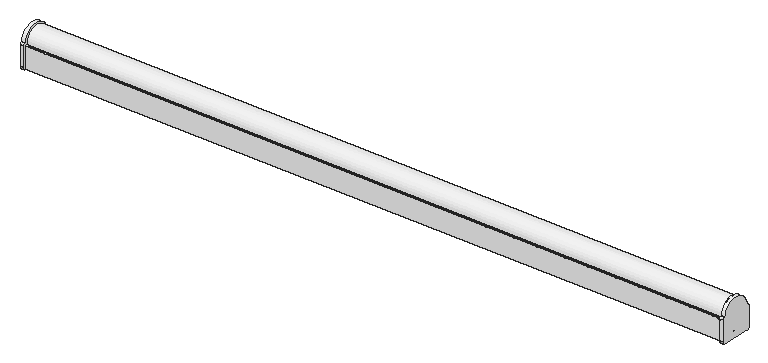
Revit family "0045193 Feilo Sylvania Lighting Fixture SYLBATTEN LED8 NW DALI TP5 ", category Lighting Fixtures, host Face, Revit 2017
Family settings
  Host = Face
  Round Connector Dimension = Use Diameter
  Part Type = Normal
  OmniClass Number = 23.80.70.00
  OmniClass Title = Lighting
  Cut with Voids When Loaded = No
  Light Source = Yes
  Shared = No
  Room Calculation Point = No
Parameters (values of type "0045193 SYLBATTEN LED8 NW DALI TP5")
  Width_FEILO = 66 mm
  Weight = "3.148 kg"
  Wattage Comments = "n/a"
  Wattage = 79 W
  WarrantyStartDate [instance] = "n/a"
  WarrantyGuarantorParts = "n/a"
  WarrantyDurationUnit = "n/a"
  WarrantyDurationParts = "n/a"
  WarrantyDescription = "n/a"
  built-in parameter 1150110 = 1 (stored number, unit not read)
  Voltage = 230 V
  URL = "http://www.sylvania-lighting.com"
  TypeName = "SYLBATTEN LED8 NW DALI TP5"
  Type Image = <None>
  Type Comments = "n/a"
  built-in parameter 1114217 = 1 (stored number, unit not read)
  Tilt Angle = -90.00°
  built-in parameter 1150109 = 1 (stored number, unit not read)
  built-in parameter 1150134 = 12
  SymReflector_FEILO = no
  built-in parameter 1150113 = 1 (stored number, unit not read)
  SerialNumber [instance] = "n/a"
  PowerFactor = 0
  PowerConsumption = "79 W"
  Photometric Web File = "0045193.ies"
  NominalLength = 1505 mm
  NominalHeight = 76 mm
  NominalDepth = 66 mm
  Name = "SYLBATTEN LED8 NW DALI TP5"
  ModelReference = Name  # "SYLBATTEN LED8 NW DALI TP5"
  ModelNumber = "0045193"
  Model = Name  # "SYLBATTEN LED8 NW DALI TP5"
  Material_4_FEILO = Reflector-Sylvania-Sylbatten-White
  Material_3_FEILO = Diffuser-Sylvania-Sylbatten-Glow
  Material_2_FEILO = Body-Sylvania-Sylbatten-White
  Material_1_FEILO = Body-Sylvania-Sylbatten-White
  Material = "sheet steel housing, polycarbonate diffuser"
  ManufacturerName = "Feilo Sylvania"
  Manufacturer = "Feilo Sylvania"
  LuminousEfficacy = "105.6 lm/W"
  built-in parameter 1150105 = 664.31 (stored number, unit not read)
  Lumens = 8347.93 lm
  LuminaireType = ""
  built-in parameter 1150115 = 1 (stored number, unit not read)
  LightOutputRatio = "100"
  built-in parameter 1150137 = (empty or 0)
  built-in parameter 1150139 = (empty or 0)
  Length_FEILO = 1505 mm
  LampsType = Lamp  # "LED"
  LampNominalLuminous = "8348 lm"
  LampMacAdamStep = "n/a"
  LampColourTemperature = "4000 K"
  LampColourRenderingIndex = "80"
  built-in parameter 1150112 = 1 (stored number, unit not read)
  built-in parameter 1150114 = 1 (stored number, unit not read)
  Lamp = "LED"
  Keynote = "16500"
  InstallationDate [instance] = "n/a"
  InputVoltage = "220-240V~"
  InputNominalFrequency = "n/a"
  built-in parameter 1150132 = (empty or 0)
  built-in parameter 1150102 = (empty or 0)
  built-in parameter 1150107 = 4000 (stored number, unit not read)
  built-in parameter 1150138 = (empty or 0)
  IngressProtection = "IP20"
  ImpactProtectionIndex = "IK07"
  built-in parameter 1150106 = 6.6431 (stored number, unit not read)
  IfcExportType = "IfcLightFixtureType"
  IfcExportAs = "IfcLightFixtureType"
  Height_FEILO = 76 mm
  ExpectedLife = 50000
  Emit from Rectangle Width = Length_FEILO - 16 mm  # 1489 mm
  Emit from Rectangle Length = Width_FEILO - 40 mm  # 26 mm
  Emit Shape Visible in Rendering = no
  ElectricShockClassification = "Class I"
  built-in parameter 1150104 = 9.8171 (stored number, unit not read)
  DurationUnit = "hours"
  DocumentationLiterature = "http://www.sylvania-lighting.com/product/en-int/products/0045193"
  DimmingControlOptions = "Dimmable"
  Dimming Lamp Color Temperature Shift = <None>
  Description = "LED batten, T8 replacement, ease of installation through 2 part push-in design of the housing (safety cable included), through wiring capability (TP5 = 5 core), sheet steel, 8348LM, 79W, 106lm/W, 4000K, drive current: 450mA, CRI 80, 138° wide beam angle, DALI dimmable, IP20, IK07, 50,000 hrs (L70), (LxWxH) 1505x66x76mm, 5 step MacAdam ellipse, 3.7kg, white RAL 9016, Class 1, 220-240V, energy class: A++, A+, A."
  Default Elevation = 1219.2 mm
  CreatedOn = "2/22/2018"
  CreatedBy = ""
  Cost = 0
  Color Filter = 16777215
  built-in parameter 1114216 [instance] = (empty or 0)
  ClassificationValue = "EF_70_80"
  ClassificationName = "Uniclass2015"
  CapOffset_FEILO = 2 mm
  BarCode [instance] = "n/a"
  built-in parameter 1114218 = 1 (stored number, unit not read)
  BackReflector_FEILO = and(not(AsymReflector_FEILO), SymReflector_FEILO)  # no
  built-in parameter 1150133 = 10 (stored number, unit not read)
  FrontReflector_FEILO = or(AsymReflector_FEILO, SymReflector_FEILO)  # no
  AsymReflector_FEILO = no
  AssetType = "Fixed"
  AssetIdentifier [instance] = "n/a"
  Assembly Code = "D5020200"
  Apparent Load = 79 VA
Reference planes
  plane 1 "Center (Front/Back)": y = 0
  plane 2: z = 0
  plane 3 "Center (Left/Right)": x = 0
  plane 4: x = 752.5
  plane 5: x = -752.5
  plane 6: y = 33
  plane 7: y = -33
  plane 8: z = 76
  plane 9: z = 47
  plane 10: y = -29
  plane 11: y = 29
  plane 12: z = 20
  plane 13: z = 74
  plane 14: y = -31
  plane 15: y = -27
  plane 16: y = 27
  plane 17: y = 31
  plane 18: z = 2
  plane 19: x = -744.5
  plane 20: x = 744.5
  plane 21: z = 49
  plane 22: y = 1
  plane 23: y = -1
  plane 24: z = 21
  plane 25: z = 19
  plane 26: y = -61
  plane 27: y = 61
  plane 28: y = -56
  plane 29: y = 56
  plane 30: z = 91
  plane 31: z = 88
Forms (mm)
  Extrusion 1, solid, material "Body-Sylvania-Sylbatten-White" <- "Material_2_FEILO"
    sketch origin (0, 0, 0) x (0, 1, 0) y (0, 0, 1)
      loop
        line (-31, 2) -> (31, 2) -> (31, 45)
        arc (31, 45) -> (30.414, 46.414) -> (29, 47) r 2
        line (29, 47) -> (27, 47)
        arc (27, 47) -> (0, 74) -> (-27, 47) r 27
        line (-27, 47) -> (-29, 47)
        arc (-29, 47) -> (-30.414, 46.414) -> (-31, 45) r 2
        line (-31, 45) -> (-31, 2)
    from -744.5 to 744.5
  Extrusion 2, solid, material "Body-Sylvania-Sylbatten-White" <- "Material_2_FEILO"
    sketch origin (752.5, 1524, 1219.2) x (0, 1, 0) y (0, 0, 1)
      loop
        arc (-1494, -1219.2) -> (-1491.879, -1218.321) -> (-1491, -1216.2) r 3
        line (-1491, -1216.2) -> (-1491, -1173.2)
        arc (-1491, -1173.2) -> (-1491.879, -1171.079) -> (-1494, -1170.2) r 3
        line (-1494, -1170.2) -> (-1495.069, -1170.2)
        arc (-1495.069, -1170.2) -> (-1524, -1143.2) -> (-1552.931, -1170.2) r 29
        line (-1552.931, -1170.2) -> (-1554, -1170.2)
        arc (-1554, -1170.2) -> (-1556.121, -1171.079) -> (-1557, -1173.2) r 3
        line (-1557, -1173.2) -> (-1557, -1216.2)
        arc (-1557, -1216.2) -> (-1556.121, -1218.321) -> (-1554, -1219.2) r 3
        line (-1554, -1219.2) -> (-1494, -1219.2)
      loop
        arc (-1525, -1189.25) -> (-1531.071, -1192.129) -> (-1533.95, -1198.2) r 10
        line (-1533.95, -1198.2) -> (-1532.944, -1198.2)
        arc (-1532.944, -1198.2) -> (-1530.364, -1192.836) -> (-1525, -1190.256) r 9
        line (-1525, -1190.256) -> (-1525, -1189.25)
      loop
        arc (-1523, -1190.256) -> (-1517.636, -1192.836) -> (-1515.056, -1198.2) r 9
        line (-1515.056, -1198.2) -> (-1514.05, -1198.2)
        arc (-1514.05, -1198.2) -> (-1516.929, -1192.129) -> (-1523, -1189.25) r 10
        line (-1523, -1189.25) -> (-1523, -1190.256)
      loop
        line (-1532.944, -1200.2) -> (-1533.95, -1200.2)
        arc (-1533.95, -1200.2) -> (-1531.071, -1206.271) -> (-1525, -1209.15) r 10
        line (-1525, -1209.15) -> (-1525, -1208.144)
        arc (-1525, -1208.144) -> (-1530.364, -1205.564) -> (-1532.944, -1200.2) r 9
      loop
        arc (-1515.056, -1200.2) -> (-1517.636, -1205.564) -> (-1523, -1208.144) r 9
        line (-1523, -1208.144) -> (-1523, -1209.15)
        arc (-1523, -1209.15) -> (-1516.929, -1206.271) -> (-1514.05, -1200.2) r 10
        line (-1514.05, -1200.2) -> (-1515.056, -1200.2)
    from 0 to -8
  Extrusion 3, solid, material "Body-Sylvania-Sylbatten-White" <- "Material_2_FEILO"
    sketch origin (-752.5, 1524, 1219.2) x (0, 1, 0) y (0, 0, 1)
      loop
        arc (-1495.069, -1170.2) -> (-1524, -1143.2) -> (-1552.931, -1170.2) r 29
        line (-1552.931, -1170.2) -> (-1554, -1170.2)
        arc (-1554, -1170.2) -> (-1556.121, -1171.079) -> (-1557, -1173.2) r 3
        line (-1557, -1173.2) -> (-1557, -1216.2)
        arc (-1557, -1216.2) -> (-1556.121, -1218.321) -> (-1554, -1219.2) r 3
        line (-1554, -1219.2) -> (-1494, -1219.2)
        arc (-1494, -1219.2) -> (-1491.879, -1218.321) -> (-1491, -1216.2) r 3
        line (-1491, -1216.2) -> (-1491, -1173.2)
        arc (-1491, -1173.2) -> (-1491.879, -1171.079) -> (-1494, -1170.2) r 3
        line (-1494, -1170.2) -> (-1495.069, -1170.2)
      loop
        line (-1533.95, -1198.2) -> (-1532.944, -1198.2)
        arc (-1532.944, -1198.2) -> (-1530.364, -1192.836) -> (-1525, -1190.256) r 9
        line (-1525, -1190.256) -> (-1525, -1189.25)
        arc (-1525, -1189.25) -> (-1531.071, -1192.129) -> (-1533.95, -1198.2) r 10
      loop
        line (-1523, -1189.25) -> (-1523, -1190.256)
        arc (-1523, -1190.256) -> (-1517.636, -1192.836) -> (-1515.056, -1198.2) r 9
        line (-1515.056, -1198.2) -> (-1514.05, -1198.2)
        arc (-1514.05, -1198.2) -> (-1516.929, -1192.129) -> (-1523, -1189.25) r 10
      loop
        line (-1514.05, -1200.2) -> (-1515.056, -1200.2)
        arc (-1515.056, -1200.2) -> (-1517.636, -1205.564) -> (-1523, -1208.144) r 9
        line (-1523, -1208.144) -> (-1523, -1209.15)
        arc (-1523, -1209.15) -> (-1516.929, -1206.271) -> (-1514.05, -1200.2) r 10
      loop
        line (-1525, -1209.15) -> (-1525, -1208.144)
        arc (-1525, -1208.144) -> (-1530.364, -1205.564) -> (-1532.944, -1200.2) r 9
        line (-1532.944, -1200.2) -> (-1533.95, -1200.2)
        arc (-1533.95, -1200.2) -> (-1531.071, -1206.271) -> (-1525, -1209.15) r 10
    from 0 to 8
  Extrusion 4, solid, material "Reflector-Sylvania-Sylbatten-White" <- "Material_4_FEILO", visible <- "FrontReflector_FEILO"
    sketch origin (0, 0, 0) x (0, 1, 0) y (0, 0, 1)
      loop
        line (-61.257, 88.429) -> (-60.743, 87.571) -> (-56.621, 90.044)
        arc (-56.621, 90.044) -> (-56.237, 90.099) -> (-55.929, 89.863) r 0.5
        line (-55.929, 89.863) -> (-31.435, 46.753) -> (-30.565, 47.247) -> (-55.312, 90.802)
        arc (-55.312, 90.802) -> (-55.928, 91.275) -> (-56.696, 91.165) r 1
        line (-56.696, 91.165) -> (-61.257, 88.429)
    from -744.5 to 744.5
  Extrusion 5, solid, material "Reflector-Sylvania-Sylbatten-White" <- "Material_4_FEILO", visible <- "BackReflector_FEILO"
    sketch origin (0, 0, 0) x (0, 1, 0) y (0, 0, 1)
      loop
        line (30.565, 47.247) -> (31.435, 46.753) -> (55.932, 89.868)
        arc (55.932, 89.868) -> (56.245, 90.112) -> (56.638, 90.062) r 0.518
        line (56.638, 90.062) -> (61.033, 87.565) -> (61.527, 88.435) -> (56.682, 91.188)
        arc (56.682, 91.188) -> (55.922, 91.282) -> (55.318, 90.812) r 1
        line (55.318, 90.812) -> (30.565, 47.247)
    from -744.5 to 744.5
Lines and regions (mm)
  reference lines
    curve 1: line (0, -61, 88) -> (0, -56, 91)
    curve 2: line (0, -56, 91) -> (0, -31, 47)
    curve 3: line (0, 31, 47) -> (0, 56, 91)
    curve 4: line (0, 56, 91) -> (0, 61.28, 88)
Dimensions and locks
  equal spacing: plane 5, plane 3 "Center (Left/Right)", plane 4
  equal spacing: plane 7, plane 1 "Center (Front/Back)", plane 6
  "Width_FEILO": plane 7 to plane 6
  "Length_FEILO": plane 5 to plane 4
  "Height_FEILO": plane 8 to plane 2
  locked: plane 9 to plane 8 at 29
  equal spacing: plane 10, plane 1 "Center (Front/Back)", plane 11
  locked: plane 7 to plane 10 at 4
  locked: plane 12 to plane 2 at 20
  "CapOffset_FEILO": plane 13 to plane 8
  "CapOffset_FEILO": plane 7 to plane 14
  "CapOffset_FEILO": plane 10 to plane 15
  "CapOffset_FEILO": plane 17 to plane 6
  "CapOffset_FEILO": plane 16 to plane 11
  "CapOffset_FEILO": plane 18 to plane 2
  locked: plane 14 to Extrusion 1 sketch curve at 2
  locked: Extrusion 1 sketch curve to plane 9 at 2  (x2)
  locked: plane 16 to Extrusion 1 sketch curve at 2
  equal spacing: plane 19, plane 3 "Center (Left/Right)", plane 20
  locked: plane 5 to plane 19 at 8
  "CapOffset_FEILO": plane 9 to plane 21
  locked: Extrusion 2 sketch curve to plane 2 at 47
  locked: Extrusion 1 sketch curve to plane 2 at 47
  locked: Extrusion 2 sketch curve to plane 2 at 3  (x2)
  locked: plane 7 to Extrusion 2 sketch curve at 3  (x2)
  locked: Extrusion 2 sketch curve to plane 6 at 3  (x2)
  locked: Extrusion 2 sketch curve to plane 21 at 3  (x2)
  equal spacing: plane 23, plane 1 "Center (Front/Back)", plane 22
  equal spacing: plane 25, plane 12, plane 24
  plane 30 to plane 31 to plane 2 = 3 mm locked, 88 mm locked
  plane 28 to plane 29 = 112 mm
  plane 26 to plane 27 = 122 mm
  aligned and locked: plane 2 to host face
  aligned and locked: level to host face
  aligned and locked: plane 18 to Extrusion 1 sketch curve
  aligned and locked: plane 14 to Extrusion 1 sketch curve
  aligned and locked: Extrusion 1 sketch curve to plane 9  (x2)
  aligned and locked: Extrusion 1 sketch curve to plane 17
  aligned and locked: plane 15 to Extrusion 1 sketch curve
  aligned and locked: plane 16 to Extrusion 1 sketch curve
  aligned and locked: plane 9 to Extrusion 1 sketch curve
  aligned and locked: plane 20 to Extrusion 1
  aligned and locked: level to Extrusion 2 sketch curve
  aligned and locked: Extrusion 2 sketch curve to plane 7
  aligned and locked: plane 21 to Extrusion 2 sketch curve
  aligned and locked: Extrusion 2 sketch curve to plane 21
  aligned and locked: plane 1 "Center (Front/Back)" to Extrusion 2 sketch curve  (x3)
  aligned and locked: Extrusion 2 to Extrusion 1
  aligned and locked: plane 4 to Extrusion 2
  aligned and locked: plane 12 to Extrusion 2 sketch curve  (x2)
  aligned and locked: Extrusion 2 sketch curve to plane 22
  aligned and locked: Extrusion 2 sketch curve to plane 23
  aligned and locked: Extrusion 2 sketch curve to plane 24
  aligned and locked: Extrusion 2 sketch curve to plane 25
  aligned and locked: plane 25 to Extrusion 2 sketch curve
  aligned and locked: plane 22 to Extrusion 2 sketch curve
  aligned and locked: plane 24 to Extrusion 2 sketch curve
  aligned and locked: plane 23 to Extrusion 2 sketch curve  (x2)
  aligned and locked: Extrusion 3 sketch curve to Extrusion 2  (x22)
  aligned and locked: Extrusion 3 to Extrusion 1
  aligned and locked: Extrusion 3 to plane 5
  aligned and locked: plane 19 to Extrusion 3
  aligned and locked: plane 31 to curve 1
  aligned and locked: plane 30 to curve 1
  aligned and locked: plane 14 to curve 2
  aligned and locked: plane 9 to curve 2
  aligned and locked: plane 17 to curve 3
  aligned and locked: plane 30 to curve 3
  aligned and locked: plane 31 to curve 4
  aligned and locked: Extrusion 4 sketch curve to curve 2
  aligned and locked: Extrusion 4 sketch curve to curve 1
  aligned and locked: Extrusion 4 to Extrusion 1
  aligned and locked: Extrusion 1 to Extrusion 4
  aligned and locked: imposter light to plane 1 "Center (Front/Back)"
  aligned and locked: imposter light to plane 3 "Center (Left/Right)"
  aligned and locked: imposter light to plane 13
  aligned and locked: Extrusion 5 sketch curve to curve 4
  aligned and locked: Extrusion 5 sketch curve to curve 3
  aligned and locked: Extrusion 1 to Extrusion 5
  aligned and locked: Extrusion 5 to Extrusion 1
Automatic sketch dimensions
  host sketch curve to host sketch curve = 2438.4 mm  (x2)
  Extrusion 2 sketch curve to Extrusion 2 sketch curve = 0 mm  (x14)
  Extrusion 2 sketch curve to plane 10 = 0.069 mm
  plane 23 to Extrusion 2 sketch curve = 8.95 mm
  Extrusion 2 sketch curve to Extrusion 2 sketch curve = 1.006 mm  (x4)
  Extrusion 2 sketch curve to plane 22 = 7.944 mm
  curve 1 to plane 26 = 0 mm
  curve 2 to plane 28 = 0 mm
  curve 4 to plane 29 = 0 mm
  plane 9 to curve 3 = 0 mm
  plane 26 to Extrusion 4 sketch curve = 0.257 mm
  Extrusion 4 sketch curve to plane 26 = 0.257 mm
  Extrusion 4 sketch curve to plane 30 = 0.165 mm
  plane 28 to Extrusion 4 sketch curve = 0.696 mm
  plane 28 to Extrusion 4 sketch curve = 0.621 mm
  plane 28 to Extrusion 4 sketch curve = 0.364 mm
  plane 28 to Extrusion 4 sketch curve = 0.182 mm
  Extrusion 4 sketch curve to plane 28 = 0.071 mm
  plane 30 to Extrusion 4 sketch curve = 0.198 mm
  Extrusion 4 sketch curve to plane 28 = 0.688 mm
  plane 9 to Extrusion 4 sketch curve = 0.247 mm
  plane 1 "Center (Front/Back)" to Extrusion 4 sketch curve = 31.435 mm
  Extrusion 5 sketch curve to plane 9 = 0.247 mm
  Extrusion 5 sketch curve to plane 1 "Center (Front/Back)" = 30.565 mm
  plane 9 to Extrusion 5 sketch curve = 0.247 mm
  plane 30 to Extrusion 5 sketch curve = 0.188 mm
  plane 29 to Extrusion 5 sketch curve = 0.068 mm
  Extrusion 5 sketch curve to plane 29 = 0.188 mm
  Extrusion 5 sketch curve to plane 29 = 0.382 mm
  Extrusion 5 sketch curve to Extrusion 5 sketch curve = 0.256 mm
  Extrusion 5 sketch curve to plane 30 = 0.188 mm
  Extrusion 5 sketch curve to plane 29 = 0.682 mm
  Extrusion 5 sketch curve to plane 27 = 0.033 mm
  Extrusion 5 sketch curve to plane 27 = 0.527 mm
Connectors
  electrical at (0, 0, 0), driven by "Apparent Load", driven by "PowerFactor", driven by "Voltage"
    settings: index 1, voltage 230 V, apparent load 79 VA, apparent load phase1 0 VA, apparent load phase2 0 VA, apparent load phase3 0 VA, power factor 0, load classification "Lighting", number of poles 1, system type 30, power factor state 1, is connector primary yes, connector utility no, sub classification motor no, connector description ""
